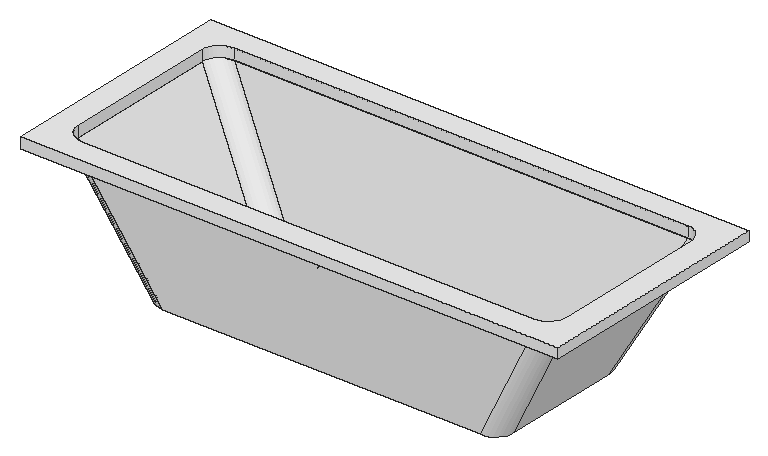
Revit family "NLRS_74_PF_UN_bad_S8B09004000_SPHINX_BCB", category Plumbing Fixtures, Revit 2016
Family settings
  Part Type = Normal
  Round Connector Dimension = Use Radius
  OmniClass Number = 23.45.00.00
  OmniClass Title = Sanitary, Laundry, and Cleaning Equipment
  Work Plane-Based = No
  Always vertical = Yes
  Cut with Voids When Loaded = No
  Shared = No
  Room Calculation Point = No
Parameters (values of type "345 bad 180x80")
  NLRS_C_type = ""
  NLRS_C_serie = ""
  radius = 25 mm
  NLRS_C_revit_versie = "2016"
  NLRS_C_content_versie = "2.0"
  NLRS_C_content_provider = "BouwConnect"
  NLRS_C_content_datum_uitgifte = "APR-2018"
  NLRS_C_content_datum_gewijzigd = "APR-2018"
  NLRS_C_content_creator = "BouwConnect"
  NLRS_C_URL_product_data = "http://www.sphinx.nl/producten/baden/rechthoekige-baden/sphinx-b65-%7C-duobad-b65345/30184/#gref"
  NLRS_C_code_artikel = "S8B09004000"
  Waste Connection = yes
  WFU = 0
  URL = "http://www.sphinx.nl/"
  NLRS_S_gewicht_netto = 26.00 kg  # constant formula
  NLRS_S_gewicht = 26.00 kg
  NLRS_C_materiaal_01 = NLRS_h2_staal_Sphinx
  NLRS_C_materiaal = NLRS_n6_acryl_wit_Sphinx
  NLRS_C_lengte = 1800 mm  # constant formula
  NLRS_C_hoogte = 450 mm  # constant formula
  NLRS_C_diameter_uit = 50 mm  # constant formula
  NLRS_C_diameter_in = 0 mm  # constant formula
  NLRS_C_breedte = 800 mm  # constant formula
  Model = ""
  Manufacturer = "Sphinx"
  Keynote = ""
  IfcTypeProduct = "IfcSanitaryTerminalType"  # constant formula
  IfcExportType = "BATH"  # constant formula
  IfcExportAs = "IfcSanitaryTerminalTypeEnum"  # constant formula
  IfcElement = "IfcFlowTerminal"  # constant formula
  NLRS_C_code_EAN = "8711754372801"
  Description = "bad"  # constant formula
  NLRS_C_URL_BCB = "http://bcb-online.nl/?zoekterm=Sphinx+++%5bGeberit+B.V.%5d"
  Assembly Code = ""
Reference planes
  plane 1 "Center (Front/Back)": y = 0
  plane 2: z = 0
  plane 3 "Center (Left/Right)": x = 0
Forms (mm)
  Extrusion 1, solid, material "NLRS_h2_staal_Sphinx" <- "NLRS_C_materiaal_01", detail levels medium+fine
    sketch origin (0.978, -173.084, -450) x (1, 0, 0) y (0, 1, 0)
      loop
        circle (899.022, -346.916) r 26
    from -10 to 0
  Extrusion 2, void, detail levels fine
    sketch origin (-50, -238, -450) x (1, 0, 0) y (0, 1, 0)
      loop
        circle (950, -282) r 23
    from -20 to 10
  Revolve 3, solid, material "NLRS_h2_staal_Sphinx" <- "NLRS_C_materiaal_01", detail levels fine
    sketch origin (-50, -520, -450) x (1, 0, 0) y (0, 0, 1)
      loop
        arc (920.939, 11) -> (907.985, 9.448) -> (895.764, 4.881) r 54.847
        arc (895.764, 4.881) -> (895.444, 4.657) -> (895.194, 4.356) r 1.467
        arc (895.194, 4.356) -> (895.093, 3.653) -> (895.545, 3.106) r 0.878
        arc (895.545, 3.106) -> (896.133, 3.026) -> (896.725, 3) r 6.633
        line (896.725, 3) -> (950, 3) -> (950, 11) -> (920.939, 11)
      axis (950, 3) -> (950, 11)
    angle from 0 to 360
  Extrusion 4, solid, material "NLRS_n6_acryl_wit_Sphinx" <- "NLRS_C_materiaal", detail levels medium+fine
    sketch origin (0, 0, 0) x (1, 0, 0) y (0, 1, 0)
      loop
        line (80.039, -400) -> (80.039, -140)
        arc (80.039, -140) -> (97.613, -97.574) -> (140.039, -80) r 60
        line (140.039, -80) -> (1660.039, -80)
        arc (1660.039, -80) -> (1702.465, -97.574) -> (1720.039, -140) r 60
        line (1720.039, -140) -> (1720.039, -400) -> (1800, -400) -> (1800, 0) -> (0, 0) -> (0, -400) -> (80.039, -400)
    from -35 to 0
  Extrusion 5, solid, material "NLRS_n6_acryl_wit_Sphinx" <- "NLRS_C_materiaal", detail levels medium+fine
    sketch origin (0, -800, 0) x (1, 0, 0) y (0, 1, 0)
      loop
        line (80.039, 400) -> (0, 400) -> (0, 0) -> (1800, 0) -> (1800, 400) -> (1720.039, 400) -> (1720.039, 140)
        arc (1720.039, 140) -> (1702.465, 97.574) -> (1660.039, 80) r 60
        line (1660.039, 80) -> (140.039, 80)
        arc (140.039, 80) -> (97.613, 97.574) -> (80.039, 140) r 60
        line (80.039, 140) -> (80.039, 400)
    from -35 to 0
  Blend 6, void, detail levels medium+fine
    base sketch origin (0, 0, 0) x (1, 0, 0) y (0, 1, 0)
      loop
        arc (307.539, -598.5) -> (325.113, -640.926) -> (367.539, -658.5) r 60
        line (367.539, -658.5) -> (1432.539, -658.5)
        arc (1432.539, -658.5) -> (1474.965, -640.926) -> (1492.539, -598.5) r 60
        line (1492.539, -598.5) -> (1492.539, -201.5)
        arc (1492.539, -201.5) -> (1474.965, -159.074) -> (1432.539, -141.5) r 60
        line (1432.539, -141.5) -> (367.539, -141.5)
        arc (367.539, -141.5) -> (325.113, -159.074) -> (307.539, -201.5) r 60
        line (307.539, -201.5) -> (307.539, -598.5)
    top sketch origin (0, 0, 0) x (1, 0, 0) y (0, 1, 0)
      loop
        line (80.039, -140) -> (80.039, -660)
        arc (80.039, -660) -> (97.613, -702.426) -> (140.039, -720) r 60
        line (140.039, -720) -> (1660.039, -720)
        arc (1660.039, -720) -> (1702.465, -702.426) -> (1720.039, -660) r 60
        line (1720.039, -660) -> (1720.039, -140)
        arc (1720.039, -140) -> (1702.465, -97.574) -> (1660.039, -80) r 60
        line (1660.039, -80) -> (140.039, -80)
        arc (140.039, -80) -> (97.613, -97.574) -> (80.039, -140) r 60
    from -446 to -35
  Blend 7, solid, material "NLRS_n6_acryl_wit_Sphinx" <- "NLRS_C_materiaal", detail levels medium+fine
    base sketch origin (0, 0, 0) x (1, 0, 0) y (0, 1, 0)
      loop
        line (303.539, -201.5) -> (303.539, -598.5)
        arc (303.539, -598.5) -> (322.284, -643.755) -> (367.539, -662.5) r 64
        line (367.539, -662.5) -> (1432.539, -662.5)
        arc (1432.539, -662.5) -> (1477.794, -643.755) -> (1496.539, -598.5) r 64
        line (1496.539, -598.5) -> (1496.539, -201.5)
        arc (1496.539, -201.5) -> (1477.794, -156.245) -> (1432.539, -137.5) r 64
        line (1432.539, -137.5) -> (367.539, -137.5)
        arc (367.539, -137.5) -> (322.284, -156.245) -> (303.539, -201.5) r 64
    top sketch origin (0, 0, 0) x (1, 0, 0) y (0, 1, 0)
      loop
        arc (140.039, -76) -> (94.784, -94.745) -> (76.039, -140) r 64
        line (76.039, -140) -> (76.039, -660)
        arc (76.039, -660) -> (94.784, -705.255) -> (140.039, -724) r 64
        line (140.039, -724) -> (1660.039, -724)
        arc (1660.039, -724) -> (1705.294, -705.255) -> (1724.039, -660) r 64
        line (1724.039, -660) -> (1724.039, -140)
        arc (1724.039, -140) -> (1705.294, -94.745) -> (1660.039, -76) r 64
        line (1660.039, -76) -> (140.039, -76)
    from -450 to -35
  Extrusion 8, solid, material "NLRS_n6_acryl_wit_Sphinx" <- "NLRS_C_materiaal", detail levels coarse
    sketch origin (0, 0, -450) x (1, 0, 0) y (0, 1, 0)
      loop
        line (0, -800) -> (1800, -800) -> (1800, 0) -> (0, 0) -> (0, -800)
    from 0 to 450
  Extrusion 9, void, detail levels coarse
    sketch origin (0, 0, -450) x (1, 0, 0) y (0, 1, 0)
      loop
        arc (140.039, -76) -> (94.784, -94.745) -> (76.039, -140) r 64
        line (76.039, -140) -> (76.039, -660)
        arc (76.039, -660) -> (94.784, -705.255) -> (140.039, -724) r 64
        line (140.039, -724) -> (1660.039, -724)
        arc (1660.039, -724) -> (1705.294, -705.255) -> (1724.039, -660) r 64
        line (1724.039, -660) -> (1724.039, -140)
        arc (1724.039, -140) -> (1705.294, -94.745) -> (1660.039, -76) r 64
        line (1660.039, -76) -> (140.039, -76)
    from 50 to 500
  Revolve 10, solid, material "NLRS_h2_staal_Sphinx" <- "NLRS_C_materiaal_01", detail levels fine
    sketch origin (-49.961, -792, -78) x (1, 0, 0) y (0, 1, 0)
      loop
        line (950, 72) -> (950, 102) -> (925, 102)
        arc (925, 102) -> (914.393, 97.607) -> (910, 87) r 15
        line (910, 87) -> (910, 72) -> (950, 72)
      axis (950, 102) -> (950, 72)
    angle from 0 to 360
  Extrusion 11, void, detail levels fine
    sketch origin (0, 0, -450) x (0, 1, 0) y (0, 0, 1)
      loop
        line (-708.998, 319.899) -> (-722.718, 413.156) -> (-743.284, 410.13) -> (-730.008, 319.899) -> (-708.998, 319.899)
    from 844.725 to 971.293
  Extrusion 12, solid, material "NLRS_n6_acryl_wit_Sphinx" <- "NLRS_C_materiaal", not visible
    sketch origin (0, 0, -450) x (1, 0, 0) y (0, 1, 0)
      loop
        circle (900, -520) r 25
    from 0 to 5
Cuts and joins
  Extrusion 2 cuts Extrusion 1
  Extrusion 2 cuts Revolve 3
  Blend 6, Extrusion 9 cuts Extrusion 8
  Extrusion 2, Blend 6 cuts Blend 7
  Extrusion 11 cuts Revolve 10
  Extrusion 2 cuts Extrusion 4
  Extrusion 2 cuts Extrusion 5
  joined: Extrusion 4, Extrusion 5
Dimensions and locks
  aligned and locked: level to plane 2
Connectors
  piping at (900, -520, -450), diameter 50, driven by "WFU", driven by "radius"
    settings: on Extrusion 12, index 1, connector inside diameter 50 mm, connector length 0 mm, flow factor 0, pipe flow 0.0 L/s, pressure drop 0.0 Pa, fitting loss kfactor 0, connector angle 0.00°, fixture units 0, engagement length 0 mm, angle of deflection 0.00°, flow configuration 3, flow direction 2, fitting loss method 0, system type 16, joint type 0, gender type 0, connector reference index -1, connector utility 0, adjustable connector no, is connector primary yes, connector description "out"
